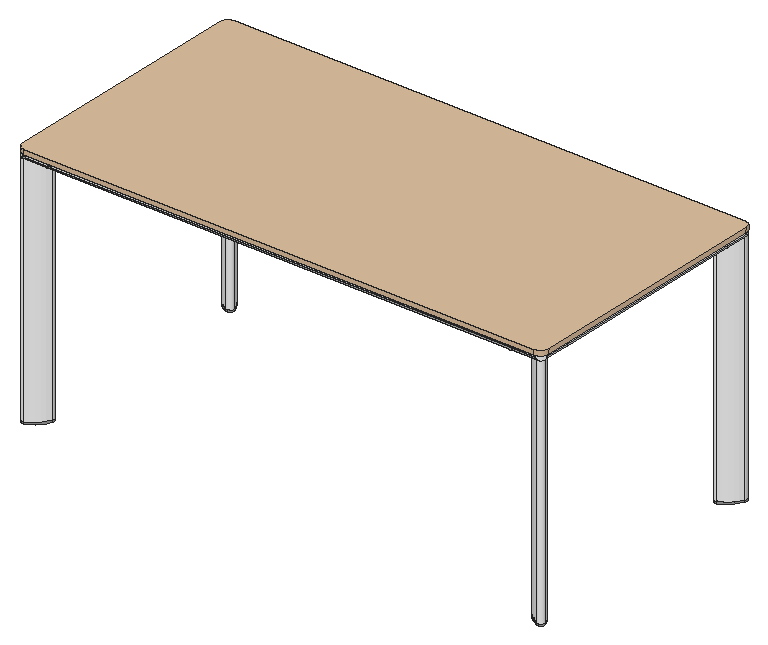
Revit family "FU_Table_Sandler_Laminar 0816", category Furniture, Revit 2020
Family settings
  OmniClass Number = 23.40.20.00
  OmniClass Title = General Furniture and Specialties
  Work Plane-Based = No
  Always vertical = Yes
  Cut with Voids When Loaded = No
  Shared = No
  Room Calculation Point = No
Parameters (values of type "Laminar 0816 (Dining Height)")
  Width = 1600 mm
  URL = "https://www.sandlerseating.com/product/laminar-0816/"
  Top [instance] = Wood - Oak - Natural - V
  Model = "Laminar 0816"
  Manufacturer = "Sandler"
  Height = 750 mm
  Frame [instance] = Lacquer - W1 - W01 White
  Description = "160cm x 80cm / 56″ x 32″ table on epoxy painted frame."
  Depth = 800 mm
  Default Elevation = 0 mm
Types (4, lengths in mm): name | Width | Top | Height | Frame | Depth
  (no name) | 1600 | Wood - Oak - Natural - V | 750 | Lacquer - W1 - W01 White | 800
  Laminar 0816 (Dining Height) | 1600 | Wood - Oak - Natural - V | 750 | Lacquer - W1 - W01 White | 800
  Laminar 0816 (Counter Height) | 1400 | Wood - Oak - Walnut | 900 | Epoxy - M2_V16 | 700
  Laminar 0816 (Bar Height) | 1600 | HPL - Solid - White | 1050 | Epoxy - M1_B00 - Black | 800
Reference planes
  plane 1 "Center (Front/Back)": y = 0
  plane 2: z = 0
  plane 3 "Center (Left/Right)": x = 0
  plane 4 "Right": x = -800
  plane 5 "Left": x = 800
  plane 6 "Back": y = 400
  plane 7 "Front": y = -400
  plane 8 "Height": z = 750
  plane 9 "Top Frame Base": z = 737
  plane 10 "Frame Edge Right TOP": x = -705
  plane 11 "Frame Edge Left TOP": x = 705
  plane 12 "Frame Edge Front TOP": y = -305
  plane 13 "Frame Edge Back TOP": y = 305
  plane 14 "Right Leg C TOP": x = -762.984
  plane 15 "Back Leg C TOP": y = 362.984
  plane 16 "Front Leg C TOP": y = -362.984
  plane 17 "Left C TOP": x = 762.984
  plane 18 "Glide Height": z = 6
  plane 19 "Frame Base FRONT": z = 696.108
Forms (mm)
  Extrusion 1, solid, material "Wood - Oak - Natural - V" <- "Top"
    sketch origin (0, 0, 750) x (-1, 0, 0) y (0, -1, 0)
      loop
        arc (775, -400) -> (792.678, -392.678) -> (800, -375) r 25
        line (800, -375) -> (800, 375)
        arc (800, 375) -> (792.678, 392.678) -> (775, 400) r 25
        line (775, 400) -> (-775, 400)
        arc (-775, 400) -> (-792.678, 392.678) -> (-800, 375) r 25
        line (-800, 375) -> (-800, -375)
        arc (-800, -375) -> (-792.678, -392.678) -> (-775, -400) r 25
        line (-775, -400) -> (775, -400)
    from 0 to -13
  Sweep 2, solid, material "Lacquer - W1 - W01 White" <- "Frame"
    path origin (0, 0, 737) x (-1, 0, 0) y (0, -1, 0)
      loop
        line (-705, 400) -> (705, 400)
    profile "Pro_Laminar_Frame : Pro_Laminar_Frame" origin (0, -400, 737) x (0, -1, 0) y (0, 0, 1)
      loop
        arc (-78.25, 0) -> (-78.959, -0.294) -> (-79.252, -1.003) r 1.003
        line (-79.252, -1.003) -> (-79.252, -40.038)
        arc (-79.252, -40.038) -> (-78.971, -40.718) -> (-78.29, -41) r 0.962
        line (-78.29, -41) -> (-56.47, -41)
        arc (-56.47, -41) -> (-49.536, -40.019) -> (-43.146, -37.154) r 25
        line (-43.146, -37.154) -> (-3.835, -12.393)
        arc (-3.835, -12.393) -> (-2.123, -10.579) -> (-1.5, -8.162) r 5
        line (-1.5, -8.162) -> (-1.5, -0.534)
        arc (-1.5, -0.534) -> (-1.656, -0.156) -> (-2.034, 0) r 0.534
        line (-2.034, 0) -> (-78.25, 0)
  Sweep 3, solid, material "Lacquer - W1 - W01 White" <- "Frame"
    path origin (0, 0, 737) x (-1, 0, 0) y (0, -1, 0)
      loop
        line (800, 305) -> (800, -305)
    profile "Pro_Laminar_Frame : Pro_Laminar_Frame" origin (-800, 0, 737) x (-1, 0, 0) y (0, 0, 1)
      loop
        arc (-78.25, 0) -> (-78.959, -0.294) -> (-79.252, -1.003) r 1.003
        line (-79.252, -1.003) -> (-79.252, -40.038)
        arc (-79.252, -40.038) -> (-78.971, -40.718) -> (-78.29, -41) r 0.962
        line (-78.29, -41) -> (-56.47, -41)
        arc (-56.47, -41) -> (-49.536, -40.019) -> (-43.146, -37.154) r 25
        line (-43.146, -37.154) -> (-3.835, -12.393)
        arc (-3.835, -12.393) -> (-2.123, -10.579) -> (-1.5, -8.162) r 5
        line (-1.5, -8.162) -> (-1.5, -0.534)
        arc (-1.5, -0.534) -> (-1.656, -0.156) -> (-2.034, 0) r 0.534
        line (-2.034, 0) -> (-78.25, 0)
  Sweep 4, solid, material "Lacquer - W1 - W01 White" <- "Frame"
    path origin (0, 0, 737) x (-1, 0, 0) y (0, -1, 0)
      loop
        line (705, -400) -> (-705, -400)
    profile "Pro_Laminar_Frame : Pro_Laminar_Frame" origin (0, 400, 737) x (0, 1, 0) y (0, 0, 1)
      loop
        arc (-78.25, 0) -> (-78.959, -0.294) -> (-79.252, -1.003) r 1.003
        line (-79.252, -1.003) -> (-79.252, -40.038)
        arc (-79.252, -40.038) -> (-78.971, -40.718) -> (-78.29, -41) r 0.962
        line (-78.29, -41) -> (-56.47, -41)
        arc (-56.47, -41) -> (-49.536, -40.019) -> (-43.146, -37.154) r 25
        line (-43.146, -37.154) -> (-3.835, -12.393)
        arc (-3.835, -12.393) -> (-2.123, -10.579) -> (-1.5, -8.162) r 5
        line (-1.5, -8.162) -> (-1.5, -0.534)
        arc (-1.5, -0.534) -> (-1.656, -0.156) -> (-2.034, 0) r 0.534
        line (-2.034, 0) -> (-78.25, 0)
  Sweep 5, solid, material "Lacquer - W1 - W01 White" <- "Frame"
    path origin (0, 0, 737) x (-1, 0, 0) y (0, -1, 0)
      loop
        line (-800, 305) -> (-800, -305)
    profile "Pro_Laminar_Frame : Pro_Laminar_Frame" origin (800, 0, 737) x (-1, 0, 0) y (0, 0, 1)
      loop
        line (78.25, 0) -> (2.034, 0)
        arc (2.034, 0) -> (1.656, -0.156) -> (1.5, -0.534) r 0.534
        line (1.5, -0.534) -> (1.5, -8.162)
        arc (1.5, -8.162) -> (2.123, -10.579) -> (3.835, -12.393) r 5
        line (3.835, -12.393) -> (43.146, -37.154)
        arc (43.146, -37.154) -> (49.536, -40.019) -> (56.47, -41) r 25
        line (56.47, -41) -> (78.29, -41)
        arc (78.29, -41) -> (78.971, -40.718) -> (79.252, -40.038) r 0.962
        line (79.252, -40.038) -> (79.252, -1.003)
        arc (79.252, -1.003) -> (78.959, -0.294) -> (78.25, 0) r 1.003
  Sweep 6, solid, material "Lacquer - W1 - W01 White" <- "Frame"
    path origin (0, 362.984, 0) x (1, 0, 0) y (0, 0, 1)
      loop
        line (-762.984, 6) -> (-762.984, 737)
    profile "Pro_Laminar_Leg : Pro_Laminar_Leg" origin (-762.984, 362.984, 371.5) x (-1, 0, 0) y (0, -1, 0)
      loop
        arc (-16.792, 30.86) -> (-28.302, 28.302) -> (-30.86, 16.792) r 10.982
        arc (-30.86, 16.792) -> (-12.33, -12.33) -> (16.792, -30.86) r 79.547
        arc (16.792, -30.86) -> (28.302, -28.302) -> (30.86, -16.792) r 10.982
        arc (30.86, -16.792) -> (12.33, 12.33) -> (-16.792, 30.86) r 79.547
  Sweep 7, solid, material "Lacquer - W1 - W01 White" <- "Frame"
    path origin (0, -362.984, 0) x (1, 0, 0) y (0, 0, 1)
      loop
        line (-762.984, 6) -> (-762.984, 737)
    profile "Pro_Laminar_Leg : Pro_Laminar_Leg" origin (-762.984, -362.984, 371.5) x (-1, 0, 0) y (0, -1, 0)
      loop
        arc (-30.86, -16.792) -> (-28.302, -28.302) -> (-16.792, -30.86) r 10.982
        arc (-16.792, -30.86) -> (12.33, -12.33) -> (30.86, 16.792) r 79.547
        arc (30.86, 16.792) -> (28.302, 28.302) -> (16.792, 30.86) r 10.982
        arc (16.792, 30.86) -> (-12.33, 12.33) -> (-30.86, -16.792) r 79.547
  Sweep 8, solid, material "Lacquer - W1 - W01 White" <- "Frame"
    path origin (0, -362.984, 0) x (1, 0, 0) y (0, 0, 1)
      loop
        line (762.984, 6) -> (762.984, 737)
    profile "Pro_Laminar_Leg : Pro_Laminar_Leg" origin (762.984, -362.984, 371.5) x (-1, 0, 0) y (0, -1, 0)
      loop
        arc (-16.792, 30.86) -> (-28.302, 28.302) -> (-30.86, 16.792) r 10.982
        arc (-30.86, 16.792) -> (-12.33, -12.33) -> (16.792, -30.86) r 79.547
        arc (16.792, -30.86) -> (28.302, -28.302) -> (30.86, -16.792) r 10.982
        arc (30.86, -16.792) -> (12.33, 12.33) -> (-16.792, 30.86) r 79.547
  Sweep 9, solid, material "Lacquer - W1 - W01 White" <- "Frame"
    path origin (0, 362.984, 0) x (1, 0, 0) y (0, 0, 1)
      loop
        line (762.984, 6) -> (762.984, 737)
    profile "Pro_Laminar_Leg : Pro_Laminar_Leg" origin (762.984, 362.984, 371.5) x (-1, 0, 0) y (0, -1, 0)
      loop
        arc (-30.86, -16.792) -> (-28.302, -28.302) -> (-16.792, -30.86) r 10.982
        arc (-16.792, -30.86) -> (12.33, -12.33) -> (30.86, 16.792) r 79.547
        arc (30.86, 16.792) -> (28.302, 28.302) -> (16.792, 30.86) r 10.982
        arc (16.792, 30.86) -> (-12.33, 12.33) -> (-30.86, -16.792) r 79.547
  Sweep 10, solid, material "Rubber, Black"
    path origin (0, 362.984, 0) x (1, 0, 0) y (0, 0, 1)
      loop
        line (762.984, 0) -> (762.984, 6)
    profile "Pro_Laminar_Leg : Pro_Laminar_Leg" origin (762.984, 362.984, 3) x (-1, 0, 0) y (0, -1, 0)
      loop
        arc (-30.86, -16.792) -> (-28.302, -28.302) -> (-16.792, -30.86) r 10.982
        arc (-16.792, -30.86) -> (12.33, -12.33) -> (30.86, 16.792) r 79.547
        arc (30.86, 16.792) -> (28.302, 28.302) -> (16.792, 30.86) r 10.982
        arc (16.792, 30.86) -> (-12.33, 12.33) -> (-30.86, -16.792) r 79.547
  Sweep 11, solid, material "Rubber, Black"
    path origin (0, 362.984, 0) x (1, 0, 0) y (0, 0, 1)
      loop
        line (-762.984, 0) -> (-762.984, 6)
    profile "Pro_Laminar_Leg : Pro_Laminar_Leg" origin (-762.984, 362.984, 3) x (-1, 0, 0) y (0, -1, 0)
      loop
        arc (-16.792, 30.86) -> (-28.302, 28.302) -> (-30.86, 16.792) r 10.982
        arc (-30.86, 16.792) -> (-12.33, -12.33) -> (16.792, -30.86) r 79.547
        arc (16.792, -30.86) -> (28.302, -28.302) -> (30.86, -16.792) r 10.982
        arc (30.86, -16.792) -> (12.33, 12.33) -> (-16.792, 30.86) r 79.547
  Sweep 12, solid, material "Rubber, Black"
    path origin (0, -362.984, 0) x (1, 0, 0) y (0, 0, 1)
      loop
        line (-762.984, 0) -> (-762.984, 6)
    profile "Pro_Laminar_Leg : Pro_Laminar_Leg" origin (-762.984, -362.984, 3) x (-1, 0, 0) y (0, -1, 0)
      loop
        arc (-30.86, -16.792) -> (-28.302, -28.302) -> (-16.792, -30.86) r 10.982
        arc (-16.792, -30.86) -> (12.33, -12.33) -> (30.86, 16.792) r 79.547
        arc (30.86, 16.792) -> (28.302, 28.302) -> (16.792, 30.86) r 10.982
        arc (16.792, 30.86) -> (-12.33, 12.33) -> (-30.86, -16.792) r 79.547
  Sweep 13, solid, material "Rubber, Black"
    path origin (0, -362.984, 0) x (1, 0, 0) y (0, 0, 1)
      loop
        line (762.984, 0) -> (762.984, 6)
    profile "Pro_Laminar_Leg : Pro_Laminar_Leg" origin (762.984, -362.984, 3) x (-1, 0, 0) y (0, -1, 0)
      loop
        arc (-16.792, 30.86) -> (-28.302, 28.302) -> (-30.86, 16.792) r 10.982
        arc (-30.86, 16.792) -> (-12.33, -12.33) -> (16.792, -30.86) r 79.547
        arc (16.792, -30.86) -> (28.302, -28.302) -> (30.86, -16.792) r 10.982
        arc (30.86, -16.792) -> (12.33, 12.33) -> (-16.792, 30.86) r 79.547
  Sweep 14, solid, material "Lacquer - W1 - W01 White" <- "Frame"
    path origin (0, 0, 737) x (-1, 0, 0) y (0, -1, 0)
      loop
        line (-705, 398.5) -> (-798.5, 398.5) -> (-798.5, 305)
    profile "Pro_Laminar_Frame : Pro_Laminar_Frame" origin (751.75, -398.5, 737) x (0, 1, 0) y (0, 0, 1)
      loop
        line (76.75, 0) -> (0.534, 0)
        arc (0.534, 0) -> (0.156, -0.156) -> (0, -0.534) r 0.534
        line (0, -0.534) -> (0, -8.162)
        arc (0, -8.162) -> (0.623, -10.579) -> (2.335, -12.393) r 5
        line (2.335, -12.393) -> (41.646, -37.154)
        arc (41.646, -37.154) -> (48.036, -40.019) -> (54.97, -41) r 25
        line (54.97, -41) -> (76.79, -41)
        arc (76.79, -41) -> (77.471, -40.718) -> (77.752, -40.038) r 0.962
        line (77.752, -40.038) -> (77.752, -1.003)
        arc (77.752, -1.003) -> (77.459, -0.294) -> (76.75, 0) r 1.003
  Extrusion 15, void
    sketch origin (0, 0, 737) x (-1, 0, 0) y (0, -1, 0)
      loop
        line (-774.12, 399.12) -> (-774.12, 414.12) -> (-814.12, 414.12) -> (-814.12, 374.12) -> (-799.12, 374.12)
        arc (-799.12, 374.12) -> (-791.798, 391.798) -> (-774.12, 399.12) r 25
    from -40.892 to 13
  Sweep 16, solid, material "Lacquer - W1 - W01 White" <- "Frame"
    path origin (0, 0, 737) x (1, 0, 0) y (0, -1, 0)
      loop
        line (-705, 398.5) -> (-798.5, 398.5) -> (-798.5, 305)
    profile "Pro_Laminar_Frame : Pro_Laminar_Frame" origin (-751.75, -398.5, 737) x (0, -1, 0) y (0, 0, 1)
      loop
        arc (-76.75, 0) -> (-77.459, -0.294) -> (-77.752, -1.003) r 1.003
        line (-77.752, -1.003) -> (-77.752, -40.038)
        arc (-77.752, -40.038) -> (-77.471, -40.718) -> (-76.79, -41) r 0.962
        line (-76.79, -41) -> (-54.97, -41)
        arc (-54.97, -41) -> (-48.036, -40.019) -> (-41.646, -37.154) r 25
        line (-41.646, -37.154) -> (-2.335, -12.393)
        arc (-2.335, -12.393) -> (-0.623, -10.579) -> (0, -8.162) r 5
        line (0, -8.162) -> (0, -0.534)
        arc (0, -0.534) -> (-0.156, -0.156) -> (-0.534, 0) r 0.534
        line (-0.534, 0) -> (-76.75, 0)
  Sweep 17, solid, material "Lacquer - W1 - W01 White" <- "Frame"
    path origin (0, 0, 737) x (1, 0, 0) y (0, 1, 0)
      loop
        line (-705, 398.5) -> (-798.5, 398.5) -> (-798.5, 305)
    profile "Pro_Laminar_Frame : Pro_Laminar_Frame" origin (-751.75, 398.5, 737) x (0, -1, 0) y (0, 0, 1)
      loop
        line (76.75, 0) -> (0.534, 0)
        arc (0.534, 0) -> (0.156, -0.156) -> (0, -0.534) r 0.534
        line (0, -0.534) -> (0, -8.162)
        arc (0, -8.162) -> (0.623, -10.579) -> (2.335, -12.393) r 5
        line (2.335, -12.393) -> (41.646, -37.154)
        arc (41.646, -37.154) -> (48.036, -40.019) -> (54.97, -41) r 25
        line (54.97, -41) -> (76.79, -41)
        arc (76.79, -41) -> (77.471, -40.718) -> (77.752, -40.038) r 0.962
        line (77.752, -40.038) -> (77.752, -1.003)
        arc (77.752, -1.003) -> (77.459, -0.294) -> (76.75, 0) r 1.003
  Sweep 18, solid, material "Lacquer - W1 - W01 White" <- "Frame"
    path origin (0, 0, 737) x (-1, 0, 0) y (0, 1, 0)
      loop
        line (-705, 398.5) -> (-798.5, 398.5) -> (-798.5, 305)
    profile "Pro_Laminar_Frame : Pro_Laminar_Frame" origin (751.75, 398.5, 737) x (0, 1, 0) y (0, 0, 1)
      loop
        arc (-76.75, 0) -> (-77.459, -0.294) -> (-77.752, -1.003) r 1.003
        line (-77.752, -1.003) -> (-77.752, -40.038)
        arc (-77.752, -40.038) -> (-77.471, -40.718) -> (-76.79, -41) r 0.962
        line (-76.79, -41) -> (-54.97, -41)
        arc (-54.97, -41) -> (-48.036, -40.019) -> (-41.646, -37.154) r 25
        line (-41.646, -37.154) -> (-2.335, -12.393)
        arc (-2.335, -12.393) -> (-0.623, -10.579) -> (0, -8.162) r 5
        line (0, -8.162) -> (0, -0.534)
        arc (0, -0.534) -> (-0.156, -0.156) -> (-0.534, 0) r 0.534
        line (-0.534, 0) -> (-76.75, 0)
  Extrusion 19, void
    sketch origin (0, 0, 737) x (1, 0, 0) y (0, 1, 0)
      loop
        arc (-774.12, -399.12) -> (-791.798, -391.798) -> (-799.12, -374.12) r 25
        line (-799.12, -374.12) -> (-814.12, -374.12) -> (-814.12, -414.12) -> (-774.12, -414.12) -> (-774.12, -399.12)
    from -40.892 to 13
  Extrusion 20, void
    sketch origin (0, 0, 737) x (1, 0, 0) y (0, 1, 0)
      loop
        line (-774.12, 399.12) -> (-774.12, 414.12) -> (-814.12, 414.12) -> (-814.12, 374.12) -> (-799.12, 374.12)
        arc (-799.12, 374.12) -> (-791.798, 391.798) -> (-774.12, 399.12) r 25
    from -40.892 to 13
  Extrusion 21, void
    sketch origin (0, 0, 737) x (-1, 0, 0) y (0, -1, 0)
      loop
        arc (-774.12, -399.12) -> (-791.798, -391.798) -> (-799.12, -374.12) r 25
        line (-799.12, -374.12) -> (-814.12, -374.12) -> (-814.12, -414.12) -> (-774.12, -414.12) -> (-774.12, -399.12)
    from -40.892 to 13
Cuts and joins
  Extrusion 20 cuts Sweep 17
  Extrusion 21 cuts Sweep 18
  Extrusion 15 cuts Sweep 14
  Extrusion 19 cuts Sweep 16
Dimensions and locks
  equal spacing: plane 4 "Right", plane 3 "Center (Left/Right)", plane 5 "Left"
  "Width": plane 4 "Right" to plane 5 "Left"
  equal spacing: plane 6 "Back", plane 1 "Center (Front/Back)", plane 7 "Front"
  "Depth": plane 6 "Back" to plane 7 "Front"
  "Height": plane 8 "Height" to level
  locked: plane 8 "Height" to plane 9 "Top Frame Base" at 13
  plane 4 "Right" to plane 14 "Right Leg C TOP" to plane 10 "Frame Edge Right TOP" = 37.016 mm locked, 57.984 mm locked
  plane 12 "Frame Edge Front TOP" to plane 16 "Front Leg C TOP" to plane 7 "Front" = 57.984 mm locked, 37.016 mm locked
  plane 6 "Back" to plane 15 "Back Leg C TOP" to plane 13 "Frame Edge Back TOP" = 37.016 mm locked, 57.984 mm locked
  plane 11 "Frame Edge Left TOP" to plane 17 "Left C TOP" to plane 5 "Left" = 57.984 mm locked, 37.016 mm locked
  locked: plane 18 "Glide Height" to plane 2 at 6
  aligned and locked: level to plane 2
  aligned and locked: plane 10 "Frame Edge Right TOP" to Sweep 2 sketch curve
  aligned and locked: plane 11 "Frame Edge Left TOP" to Sweep 2 sketch curve
  aligned and locked: plane 13 "Frame Edge Back TOP" to Sweep 3 sketch curve
  aligned and locked: plane 4 "Right" to Sweep 3 sketch curve
  aligned and locked: plane 10 "Frame Edge Right TOP" to Sweep 4 sketch curve
  aligned and locked: plane 11 "Frame Edge Left TOP" to Sweep 4 sketch curve
  aligned and locked: plane 13 "Frame Edge Back TOP" to Sweep 5 sketch curve
  aligned and locked: plane 12 "Frame Edge Front TOP" to Sweep 5 sketch curve
  aligned and locked: Extrusion 1 sketch curve to plane 4 "Right"
  aligned and locked: Extrusion 1 sketch curve to plane 6 "Back"
  aligned and locked: plane 7 "Front" to Extrusion 1 sketch curve
  aligned and locked: plane 5 "Left" to Extrusion 1 sketch curve
  aligned and locked: plane 9 "Top Frame Base" to Sweep 6 sketch curve
  aligned and locked: plane 18 "Glide Height" to Sweep 6 sketch curve
  aligned and locked: plane 9 "Top Frame Base" to Sweep 7 sketch curve
  aligned and locked: plane 18 "Glide Height" to Sweep 7 sketch curve
  aligned and locked: plane 9 "Top Frame Base" to Sweep 8 sketch curve
  aligned and locked: plane 18 "Glide Height" to Sweep 8 sketch curve
  aligned and locked: plane 9 "Top Frame Base" to Sweep 9 sketch curve
  aligned and locked: plane 18 "Glide Height" to Sweep 9 sketch curve
  aligned and locked: plane 18 "Glide Height" to Sweep 10 sketch curve
  aligned and locked: plane 2 to Sweep 10 sketch curve
  aligned and locked: plane 18 "Glide Height" to Sweep 11 sketch curve
  aligned and locked: plane 2 to Sweep 11 sketch curve
  aligned and locked: plane 2 to Sweep 12 sketch curve
  aligned and locked: plane 18 "Glide Height" to Sweep 12 sketch curve
  aligned and locked: plane 2 to Sweep 13 sketch curve
  aligned and locked: plane 18 "Glide Height" to Sweep 13 sketch curve
  aligned and locked: Extrusion 15 to plane 19 "Frame Base FRONT"
  aligned and locked: plane 8 "Height" to Extrusion 15
  aligned and locked: Sweep 18 to plane 11 "Frame Edge Left TOP"
  aligned and locked: Sweep 18 to plane 13 "Frame Edge Back TOP"
  aligned and locked: Sweep 14 to plane 12 "Frame Edge Front TOP"
  aligned and locked: Sweep 14 to plane 11 "Frame Edge Left TOP"
  aligned and locked: Sweep 16 to plane 10 "Frame Edge Right TOP"
  aligned and locked: Sweep 16 to plane 12 "Frame Edge Front TOP"
  aligned and locked: Sweep 17 to plane 13 "Frame Edge Back TOP"
  aligned and locked: Sweep 17 to plane 10 "Frame Edge Right TOP"
Automatic sketch dimensions
  Extrusion 1 sketch curve to plane 15 "Back Leg C TOP" = 12.016 mm
  Extrusion 1 sketch curve to plane 17 "Left C TOP" = 12.016 mm
  plane 14 "Right Leg C TOP" to Extrusion 1 sketch curve = 12.016 mm  (x2)
  Sweep 2 sketch curve to plane 7 "Front" = 0 mm
  plane 12 "Frame Edge Front TOP" to Sweep 3 sketch curve = 0 mm
  Sweep 4 sketch curve to plane 6 "Back" = 0 mm
  Sweep 5 sketch curve to plane 5 "Left" = 0 mm
  plane 14 "Right Leg C TOP" to Sweep 6 sketch curve = 0 mm
  plane 14 "Right Leg C TOP" to Sweep 7 sketch curve = 0 mm
  plane 17 "Left C TOP" to Sweep 8 sketch curve = 0 mm
  plane 17 "Left C TOP" to Sweep 9 sketch curve = 0 mm
  plane 17 "Left C TOP" to Sweep 10 sketch curve = 0 mm
  plane 14 "Right Leg C TOP" to Sweep 11 sketch curve = 0 mm
  plane 14 "Right Leg C TOP" to Sweep 12 sketch curve = 0 mm
  plane 17 "Left C TOP" to Sweep 13 sketch curve = 0 mm
  plane 12 "Frame Edge Front TOP" to Sweep 14 sketch curve = 0 mm
  Sweep 14 sketch curve to plane 11 "Frame Edge Left TOP" = 0 mm
  plane 5 "Left" to Sweep 14 sketch curve = 1.5 mm
  plane 7 "Front" to Sweep 14 sketch curve = 1.5 mm
  Extrusion 15 sketch curve to plane 5 "Left" = 14.12 mm
  plane 5 "Left" to Extrusion 15 sketch curve = 0.88 mm
  plane 7 "Front" to Extrusion 15 sketch curve = 0.88 mm
  Extrusion 15 sketch curve to plane 17 "Left C TOP" = 11.136 mm
  Extrusion 15 sketch curve to plane 7 "Front" = 14.12 mm
  plane 12 "Frame Edge Front TOP" to Sweep 16 sketch curve = 0 mm
  Sweep 16 sketch curve to plane 10 "Frame Edge Right TOP" = 0 mm
  plane 4 "Right" to Sweep 16 sketch curve = 1.5 mm
  Sweep 16 sketch curve to plane 7 "Front" = 1.5 mm
  Sweep 17 sketch curve to plane 13 "Frame Edge Back TOP" = 0 mm
  Sweep 17 sketch curve to plane 10 "Frame Edge Right TOP" = 0 mm
  Sweep 17 sketch curve to plane 4 "Right" = 1.5 mm
  Sweep 17 sketch curve to plane 6 "Back" = 1.5 mm
  Sweep 18 sketch curve to plane 13 "Frame Edge Back TOP" = 0 mm
  Sweep 18 sketch curve to plane 11 "Frame Edge Left TOP" = 0 mm
  Sweep 18 sketch curve to plane 5 "Left" = 1.5 mm
  plane 6 "Back" to Sweep 18 sketch curve = 1.5 mm
  Extrusion 19 sketch curve to plane 4 "Right" = 14.12 mm
  plane 4 "Right" to Extrusion 19 sketch curve = 0.88 mm
  Extrusion 19 sketch curve to plane 7 "Front" = 0.88 mm
  Extrusion 19 sketch curve to plane 14 "Right Leg C TOP" = 11.136 mm
  plane 7 "Front" to Extrusion 19 sketch curve = 14.12 mm
  plane 4 "Right" to Extrusion 20 sketch curve = 14.12 mm
  Extrusion 20 sketch curve to plane 4 "Right" = 0.88 mm
  Extrusion 20 sketch curve to plane 6 "Back" = 0.88 mm
  plane 14 "Right Leg C TOP" to Extrusion 20 sketch curve = 11.136 mm
  plane 6 "Back" to Extrusion 20 sketch curve = 14.12 mm
  plane 5 "Left" to Extrusion 21 sketch curve = 14.12 mm
  Extrusion 21 sketch curve to plane 5 "Left" = 0.88 mm
  plane 6 "Back" to Extrusion 21 sketch curve = 0.88 mm
  plane 17 "Left C TOP" to Extrusion 21 sketch curve = 11.136 mm
  Extrusion 21 sketch curve to plane 6 "Back" = 14.12 mm
